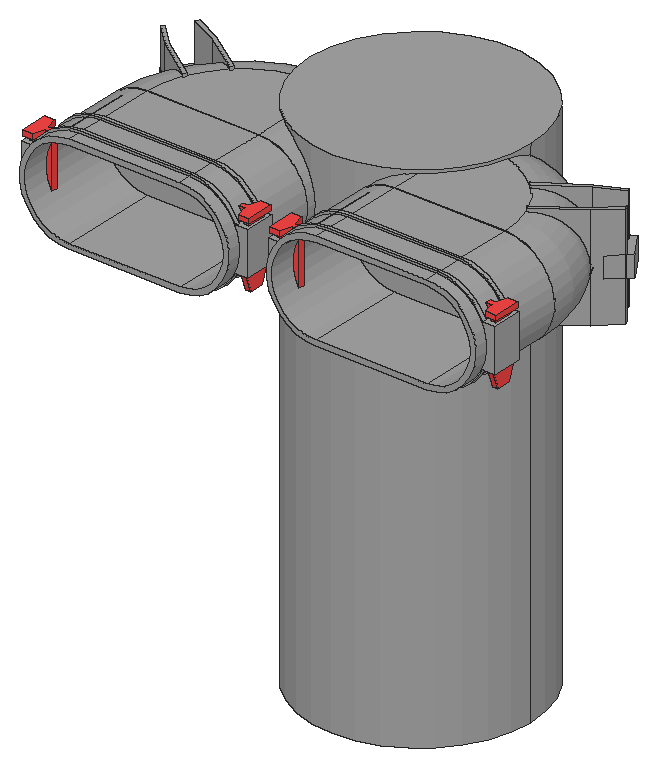
Revit family "CADS_AIRFLOWdev_AirflexPro_Oval_WallPlenum_Supply", category Duct Fittings, Revit 2015
Parameters (values of type "CADS_AIRFLOWdev_AirflexPro_Oval_WallPlenum_Supply")
  f3 [instance] = Flow - f2  # 0.0 L/s
  f2 [instance] = 0.0 L/s
  WorkingPressure = 3000.0 Pa
  WeeklyMaintenance = "N/A"
  WarrantyStartDate [instance] = "1900-12-31T23:59:160"
  WarrantyPeriod = "0"
  WarrantyIdentifier = "N/A"
  WarrantyGuarantorParts = "info@airflow.com"
  WarrantyGuarantorLabor = "info@airflow.com"
  WarrantyGuarantor = "Airflow Developments Ltd"
  WarrantyEndDate [instance] = "1900-12-31T23:59:160"
  WarrantyContent = "N/A"
  Uniclass2015 = "Pr_30_59_96_92:Ventilation ducts"
  TemperatureRange = "up to 40°C"
  TagNumber [instance] = "N/A"
  SustainabilityPerformance = "N/A"
  Status = "New"
  Size = "200 x 280 x 300"
  ShippingWeight = 0.78 kg
  Shape = "Other"
  ServiceLifeType = "EXPECTEDSERVICELIFE"
  ServiceLifeDuration = "10"
  SerialNumber [instance] = "N/A"
  SAPApproval = yes
  RunID = "0"
  ReplacementCost = "34.284"
  Reinforcement = "N/A"
  RedDotDesignAward = no
  QuarterlyMaintenance = "N/A"
  Quantity = 1
  ProductionYear = "2017"
  ProductLiterature = "https://www.airflow.com/pdf/Accessories.pdf#page=3"
  PointOfContact = "Airflow Developments Ltd"
  PassiveHouseApproval = no
  NominalWidth = 280 mm
  NominalLength = 200 mm
  NominalHeight = 300 mm
  NBSCode = "45-80-50/394 Ventilation ducts"
  MonthlyMaintenance = "N/A"
  ModelReference [instance] = "90000249"
  ModelLabel [instance] = "Oval 90° Ceiling/Wall Plenum (incl. 4 clips, 1 sealing cap)"
  Material = "Plastic"
  ManufacturerWebsite = "www.airflow.com"
  ManufacturerTelephone = "01494 525252"
  ManufacturerE-Mail = "info@airflow.com"
  ManufacturerAddress = "Aidelle House\nLancaster Road\nCressex Business Park\nHigh Wycombe\nBucks\nHP123QP"
  Manufacturer = "AirFlow Devopments Ltd"
  MaintenanceRequired8001to12000hrs = "N/A"
  MaintenanceRequired601to1000hrs = "N/A"
  MaintenanceRequired4001to8000hrs = "N/A"
  MaintenanceRequired301to600hrs = "N/A"
  MaintenanceRequired2001to4000hrs = "N/A"
  MaintenanceRequired1001to2000hrs = "N/A"
  MaintenanceRequired0to300hrs = "N/A"
  LongitudinalSeam = "None"
  IsExtendedWarranty = no
  InstallationDate [instance] = "1900-12-31T23:59:160"
  ISO90001 = yes
  ISO140001 = yes
  GrossWeight = 0.65 kg
  Grade = "Virgin"
  GlobalTradeItemNumber [instance] = "5019009312330"
  Flow [instance] = 0.0 L/s
  Fitting Type = "Ignore"
  FireControlPanelLinks = no
  Finish = "Lacquer"
  Features = "Oval 90° Ceiling/Wall Plenum (incl. 4 clips, 1 sealing cap)"
  ExpectedServiceLife = 10
  Exclusions = "N/A"
  DurationUnit = "Year"
  DailyMaintenance = "N/A"
  Constituents = "Oval 90° Ceiling/Wall Plenum (incl. 4 clips, 1 sealing cap)"
  Color = "Grey"
  CodePerformance = "N/A"
  CEApproval = yes
  CADS_Index = 0
  BespokeTimeFrameMaintenance = "N/A"
  AssetType = "FIXED"
  AssetIdentifier [instance] = "N/A"
  AssemblyPlace = "UNKNOWN"
  ArticleNumber [instance] = "N/A"
  AnnualMaintenance = "N/A"
  AirflowRateRange = 18.0 L/s
  AdjustableLengthCheck [instance] = if(AdjustableLength > 240 mm, 240 mm, AdjustableLength)  # 240 mm
  AdjustableLength [instance] = 240 mm
  AccessibilityPerformance = "N/A"
  AF_Body = AF_Grey
  6MonthlyMaintenance = "Visually inspect system, clean the fan and ducting if necessary"
Types (2, lengths in mm): name | RedDotDesignAward | PassiveHouseApproval | NominalWidth | NominalLength | NominalHeight | IsExtendedWarranty | FireControlPanelLinks
  (no name) | yes | yes | 0 | 0 | 0 | yes | yes
  CADS_AIRFLOWdev_AirflexPro_Oval_WallPlenum_Supply | no | no | 280 | 200 | 300 | no | no
Values of the unnamed type that differ from the named types
  WorkingPressure = 0.0 Pa
  WeeklyMaintenance = ""
  WarrantyStartDate = ""
  WarrantyPeriod = ""
  WarrantyIdentifier = ""
  WarrantyGuarantorParts = ""
  WarrantyGuarantorLabor = ""
  WarrantyGuarantor = ""
  WarrantyEndDate = ""
  WarrantyContent = ""
  Uniclass2015 = ""
  TemperatureRange = ""
  TagNumber = ""
  SustainabilityPerformance = ""
  Status = ""
  Size = ""
  ShippingWeight = 0.00 kg
  Shape = ""
  ServiceLifeType = ""
  ServiceLifeDuration = ""
  SerialNumber = ""
  ReplacementCost = ""
  Reinforcement = ""
  QuarterlyMaintenance = ""
  Quantity = 0
  ProductionYear = ""
  ProductLiterature = ""
  PointOfContact = ""
  NBSCode = ""
  MonthlyMaintenance = ""
  ModelReference = ""
  ModelLabel = ""
  Material = ""
  ManufacturerWebsite = ""
  ManufacturerTelephone = ""
  ManufacturerE-Mail = ""
  ManufacturerAddress = ""
  MaintenanceRequired8001to12000hrs = ""
  MaintenanceRequired601to1000hrs = ""
  MaintenanceRequired4001to8000hrs = ""
  MaintenanceRequired301to600hrs = ""
  MaintenanceRequired2001to4000hrs = ""
  MaintenanceRequired1001to2000hrs = ""
  MaintenanceRequired0to300hrs = ""
  LongitudinalSeam = ""
  InstallationDate = ""
  GrossWeight = 0.00 kg
  Grade = ""
  GlobalTradeItemNumber = ""
  Fitting Type = ""
  Finish = ""
  Features = ""
  ExpectedServiceLife = 0
  Exclusions = ""
  DurationUnit = ""
  DailyMaintenance = ""
  Constituents = ""
  Color = ""
  CodePerformance = ""
  BespokeTimeFrameMaintenance = ""
  AssetType = ""
  AssetIdentifier = ""
  AssemblyPlace = ""
  ArticleNumber = ""
  AnnualMaintenance = ""
  AirflowRateRange = 0.0 L/s
  AccessibilityPerformance = ""
  6MonthlyMaintenance = ""
Reference planes
  plane 1 "Center (Front/Back)": y = 0
  plane 2: z = 0
  plane 3 "Center (Left/Right)": x = 0
  plane 4 "CL Ports": z = 270
  plane 5: x = -71.5
  plane 6: x = 71.5
  plane 7: z = 240
  plane 8: y = -125
  plane 9: z = 300
  plane 10: z = 0
Forms (mm)
  Extrusion 1, solid, material "AF_Grey"
    sketch origin (0, 0, 270) x (-1, 0, 0) y (0, -1, 0)
      loop
        circle (0, 0) r 64
    from 30 to -270
  Sweep 2, solid, material "AF_Grey"
    path in 3D
      loop
        arc (132.015, -68, 270) -> (107.705, -9.31, 270) -> (49.015, 15, 270) r 83
        line (49.015, 15, 270) -> (-49.015, 15, 270)
        arc (-49.015, 15, 270) -> (-107.705, -9.31, 270) -> (-132.015, -68, 270) r 83
    profile origin (0, 15, 270) x (0, -1, 0) y (0, 0, 1)
      loop
        arc (28.5, 28.5) -> (0, 0) -> (28.5, -28.5) r 28.5
        line (28.5, -28.5) -> (59, -28.5) -> (59, 28.5) -> (28.5, 28.5)
  Extrusion 3, solid, material "AF_Grey"
    sketch origin (71.5, -68, 270) x (-1, 0, 0) y (0, 0, 1)
      loop
        arc (32.015, -28.5) -> (60.515, 0) -> (32.015, 28.5) r 28.5
        line (32.015, 28.5) -> (-1.515, 28.5) -> (-1.515, -28.5) -> (32.015, -28.5)
      loop
        arc (110.985, 28.5) -> (82.485, 0) -> (110.985, -28.5) r 28.5
        line (110.985, -28.5) -> (144.515, -28.5) -> (144.515, 28.5) -> (110.985, 28.5)
    from 24 to 0
  Extrusion 4, solid, not visible
    sketch origin (71.5, -68, 270) x (-1, 0, 0) y (0, 0, 1)
      loop
        circle (0, 0) r 15
      loop
        circle (143, 0) r 15
    from 0 to 10
  Extrusion 5, solid, material "AF_Grey"
    sketch origin (0, 0, 270) x (-1, 0, 0) y (0, -1, 0)
      loop
        line (-86.283, 28.743) -> (-98.827, 46.816) -> (-127.575, 26.7) -> (-137.64, 16.799) -> (-127.978, 2.879) -> (-114.469, 9.178) -> (-86.283, 28.743)
    from -6 to 6
  Extrusion 6, solid, material "AF_Grey"
    sketch origin (0, 0, 270) x (-1, 0, 0) y (0, -1, 0)
      loop
        line (-109.126, 11.67) -> (-85.713, 27.921) -> (-86.853, 29.564) -> (-110.126, 13.411) -> (-125.457, 6.262) -> (-124.299, 4.595) -> (-109.126, 11.67)
      loop
        line (-123.276, 30.928) -> (-134.746, 19.645) -> (-133.589, 17.978) -> (-121.993, 29.385) -> (-98.257, 45.994) -> (-99.398, 47.637) -> (-123.276, 30.928)
    from -30 to 30
  Extrusion 7, solid, material "AF_Grey"
    sketch origin (0, 0, 270) x (-1, 0, 0) y (0, -1, 0)
      loop
        line (109.126, 11.67) -> (124.299, 4.595) -> (125.457, 6.262) -> (110.126, 13.411) -> (86.853, 29.564) -> (85.713, 27.921) -> (109.126, 11.67)
      loop
        line (123.276, 30.928) -> (99.398, 47.637) -> (98.257, 45.994) -> (121.993, 29.385) -> (133.589, 17.978) -> (134.746, 19.645) -> (123.276, 30.928)
    from -30 to 30
  Extrusion 8, solid, material "AF_Grey"
    sketch origin (0, 0, 270) x (-1, 0, 0) y (0, -1, 0)
      loop
        line (86.283, 28.743) -> (114.469, 9.178) -> (127.978, 2.879) -> (137.64, 16.799) -> (127.575, 26.7) -> (98.827, 46.816) -> (86.283, 28.743)
    from -6 to 6
Cuts and joins
  joined: Sweep 2, Extrusion 3
Lines and regions (mm)
  model lines, style "InvisibleLines"
    curve 1: line (49.015, 15, 270) -> (-49.015, 15, 270)
    curve 2: arc (-132.015, -68, 270) -> (-107.705, -9.31, 270) -> (-49.015, 15, 270) r 83
    curve 3: arc (132.015, -68, 270) -> (107.705, -9.31, 270) -> (49.015, 15, 270) r 83
  sketch lines
    curve 4: line (49.015, 15, 270) -> (-49.015, 15, 270)
    curve 5: arc (-132.015, -68, 270) -> (-107.705, -9.31, 270) -> (-49.015, 15, 270) r 83
    curve 6: arc (132.015, -68, 270) -> (107.705, -9.31, 270) -> (49.015, 15, 270) r 83
Dimensions and locks
  plane 9 to plane 4 "CL Ports" to plane 7 = 30 mm locked, 30 mm locked
  "AdjustableLengthCheck": plane 7 to plane 2
  aligned and locked: level to plane 2
  aligned and locked: nested 1 to plane 8
  aligned and locked: nested 2 to plane 8
  aligned and locked: plane 9 to Extrusion 1
  aligned and locked: Extrusion 3 to Sweep 2
  aligned and locked: Extrusion 1 to plane 10
  aligned and locked: level to plane 10
Automatic sketch dimensions
  plane 1 "Center (Front/Back)" to Extrusion 1 sketch curve = 0 mm
  Extrusion 1 sketch curve to plane 3 "Center (Left/Right)" = 0 mm
  curve 3 to plane 6 = 22.485 mm
  plane 5 to curve 2 = 22.485 mm
  curve 1 to plane 1 "Center (Front/Back)" = 15 mm
  plane 8 to curve 3 = 57 mm
  plane 8 to curve 2 = 57 mm
  Sweep 2 sketch curve to profile plane = 0 mm
  Sweep 2 sketch curve to profile plane = 28.5 mm  (x2)
  Sweep 2 sketch curve to Sweep 2 sketch curve = 30.5 mm
  Extrusion 3 sketch curve to nested 2 = 0 mm  (x2)
  Extrusion 3 sketch curve to Extrusion 3 sketch curve = 33.531 mm  (x2)
  Extrusion 3 sketch curve to Extrusion 3 sketch curve = 78.969 mm
  nested 2 to Extrusion 4 sketch curve = 25.5 mm  (x2)
  Extrusion 4 sketch curve to Extrusion 4 sketch curve = 143 mm
  plane 1 "Center (Front/Back)" to Extrusion 5 sketch curve = 16.799 mm
  plane 6 to Extrusion 5 sketch curve = 66.14 mm
  plane 1 "Center (Front/Back)" to Extrusion 5 sketch curve = 2.879 mm
  Extrusion 5 sketch curve to Extrusion 5 sketch curve = 9.662 mm
  plane 1 "Center (Front/Back)" to Extrusion 5 sketch curve = 26.7 mm
  Extrusion 5 sketch curve to Extrusion 5 sketch curve = 10.065 mm
  plane 1 "Center (Front/Back)" to Extrusion 5 sketch curve = 9.178 mm
  Extrusion 5 sketch curve to Extrusion 5 sketch curve = 13.509 mm
  plane 6 to Extrusion 5 sketch curve = 27.327 mm
  plane 6 to Extrusion 5 sketch curve = 14.783 mm
  plane 1 "Center (Front/Back)" to Extrusion 5 sketch curve = 28.743 mm
  plane 1 "Center (Front/Back)" to Extrusion 6 sketch curve = 19.645 mm
  plane 6 to Extrusion 6 sketch curve = 63.246 mm
  plane 1 "Center (Front/Back)" to Extrusion 6 sketch curve = 17.978 mm
  Extrusion 6 sketch curve to Extrusion 6 sketch curve = 1.157 mm  (x2)
  plane 1 "Center (Front/Back)" to Extrusion 6 sketch curve = 6.262 mm
  Extrusion 6 sketch curve to Extrusion 6 sketch curve = 8.132 mm
  plane 1 "Center (Front/Back)" to Extrusion 6 sketch curve = 4.595 mm
  Extrusion 6 sketch curve to Extrusion 6 sketch curve = 11.47 mm
  Extrusion 6 sketch curve to Extrusion 6 sketch curve = 1.283 mm
  plane 1 "Center (Front/Back)" to Extrusion 6 sketch curve = 13.411 mm
  Extrusion 6 sketch curve to Extrusion 6 sketch curve = 14.174 mm
  plane 1 "Center (Front/Back)" to Extrusion 6 sketch curve = 11.67 mm
  Extrusion 6 sketch curve to Extrusion 6 sketch curve = 1 mm
  plane 6 to Extrusion 6 sketch curve = 27.898 mm
  Extrusion 6 sketch curve to Extrusion 6 sketch curve = 1.14 mm  (x2)
  plane 6 to Extrusion 6 sketch curve = 15.353 mm
  Extrusion 6 sketch curve to Extrusion 6 sketch curve = 9.74 mm
  Extrusion 6 sketch curve to Extrusion 6 sketch curve = 1.543 mm
  Extrusion 6 sketch curve to Extrusion 6 sketch curve = 16.43 mm
  Extrusion 6 sketch curve to Extrusion 6 sketch curve = 1.643 mm
  Extrusion 7 sketch curve to plane 5 = 14.213 mm
  Extrusion 7 sketch curve to Extrusion 7 sketch curve = 1.14 mm  (x2)
  Extrusion 7 sketch curve to Extrusion 7 sketch curve = 11.404 mm
  plane 1 "Center (Front/Back)" to Extrusion 7 sketch curve = 11.67 mm
  Extrusion 7 sketch curve to Extrusion 7 sketch curve = 23.413 mm
  plane 1 "Center (Front/Back)" to Extrusion 7 sketch curve = 13.411 mm
  Extrusion 7 sketch curve to Extrusion 7 sketch curve = 1 mm
  Extrusion 7 sketch curve to Extrusion 7 sketch curve = 11.867 mm
  Extrusion 7 sketch curve to Extrusion 7 sketch curve = 1.283 mm
  plane 1 "Center (Front/Back)" to Extrusion 7 sketch curve = 4.595 mm
  Extrusion 7 sketch curve to Extrusion 7 sketch curve = 14.174 mm
  plane 1 "Center (Front/Back)" to Extrusion 7 sketch curve = 6.262 mm
  Extrusion 7 sketch curve to Extrusion 7 sketch curve = 1.157 mm  (x2)
  plane 1 "Center (Front/Back)" to Extrusion 7 sketch curve = 17.978 mm
  Extrusion 7 sketch curve to Extrusion 7 sketch curve = 8.132 mm
  plane 1 "Center (Front/Back)" to Extrusion 7 sketch curve = 19.645 mm
  Extrusion 7 sketch curve to Extrusion 7 sketch curve = 9.74 mm
  Extrusion 7 sketch curve to Extrusion 7 sketch curve = 1.543 mm
  Extrusion 7 sketch curve to Extrusion 7 sketch curve = 16.43 mm
  Extrusion 7 sketch curve to Extrusion 7 sketch curve = 1.643 mm
  Extrusion 8 sketch curve to plane 5 = 14.783 mm
  Extrusion 8 sketch curve to Extrusion 8 sketch curve = 12.544 mm
  plane 1 "Center (Front/Back)" to Extrusion 8 sketch curve = 9.178 mm
  Extrusion 8 sketch curve to Extrusion 8 sketch curve = 28.187 mm
  plane 1 "Center (Front/Back)" to Extrusion 8 sketch curve = 26.7 mm
  Extrusion 8 sketch curve to Extrusion 8 sketch curve = 13.105 mm
  plane 1 "Center (Front/Back)" to Extrusion 8 sketch curve = 2.879 mm
  Extrusion 8 sketch curve to Extrusion 8 sketch curve = 13.509 mm
  plane 1 "Center (Front/Back)" to Extrusion 8 sketch curve = 16.799 mm
  Extrusion 8 sketch curve to Extrusion 8 sketch curve = 10.065 mm
  plane 1 "Center (Front/Back)" to Extrusion 8 sketch curve = 28.743 mm
  radius of Extrusion 1 sketch curve = 64 mm
  radius of Extrusion 3 sketch curve to nested 2 = 0 mm
  radius of Extrusion 4 sketch curve = 15 mm  (x2)
Nested families
  nested 1: "AF-Oval-Socket" at (-71.5, -68, 270) x (0, 1, 0) z (0, 0, 1), type "AF-Oval-Socket"
  nested 2: "AF-Oval-Socket" at (71.5, -68, 270) x (0, 1, 0) z (0, 0, 1), type "AF-Oval-Socket"
Connectors
  hvac at (-71.5, -68, 270), driven by "f2"
    settings: on Extrusion 4, index 1, duct flow 0.0 L/s, flow factor 0, pres drop 0.0 Pa, loss coef 0, conn angle 0.00°, conn width 115 mm, conn height 51 mm, conn diameter 609.6 mm, duct sys type 1, conn prof type 2, flow config 1, flow direction 1, loss method 0, conn ref index -1, conn util no, is conn primary no, conn desc ""
  hvac at (71.5, -68, 270), driven by "f3"
    settings: on Extrusion 4, index 2, duct flow 0.0 L/s, flow factor 0, pres drop 0.0 Pa, loss coef 0, conn angle 0.00°, conn width 115 mm, conn height 51 mm, conn diameter 609.6 mm, duct sys type 1, conn prof type 2, flow config 1, flow direction 1, loss method 0, conn ref index -1, conn util no, is conn primary no, conn desc ""
  hvac at (0, 0, 0), driven by "Flow"
    settings: on Extrusion 1, index 3, duct flow 0.0 L/s, flow factor 0, pres drop 0.0 Pa, loss coef 0, conn angle 0.00°, conn width 304.8 mm, conn height 304.8 mm, conn diameter 125 mm, duct sys type 1, conn prof type 0, flow config 0, flow direction 2, loss method 0, conn ref index -1, conn util no, is conn primary yes, conn desc ""
Definition of nested family "AF-Oval-Socket"
  Parameters (values of type "AF-Oval-Socket")
    Default Elevation = 1219.2 mm
  Reference planes
    plane 1 "Center (Front/Back)": y = 0
    plane 2: z = 0
    plane 3 "Center (Left/Right)": x = 0
    plane 4: x = -49.5
    plane 5: x = -47.5
    plane 6: x = -32
    plane 7: x = -34
    plane 8: y = 61.515
    plane 9: y = 60.515
    plane 10: y = 65.515
  Forms (mm)
    Sweep 1, solid
      path in 3D
        loop
          line (0, 0, 0) -> (-57, 0, 0)
      profile "AF-Oval Outer Profile : AF-Oval Outer Profile" origin (-28.5, 0, 0) x (0, -1, 0) y (0, 0, 1)
        loop
          arc (-32.015, 28.5) -> (-60.515, 0) -> (-32.015, -28.5) r 28.5
          line (-32.015, -28.5) -> (32.015, -28.5)
          arc (32.015, -28.5) -> (60.515, 0) -> (32.015, 28.5) r 28.5
          line (32.015, 28.5) -> (-32.015, 28.5)
    Sweep 2, void
      path in 3D
        loop
          line (0, 0, 0) -> (-57, 0, 0)
      profile "AF-Oval : AF-Oval" origin (-28.5, 0, 0) x (0, -1, 0) y (0, 0, 1)
        loop
          arc (-32, 25.5) -> (-57.5, 0) -> (-32, -25.5) r 25.5
          line (-32, -25.5) -> (32, -25.5)
          arc (32, -25.5) -> (57.5, 0) -> (32, 25.5) r 25.5
          line (32, 25.5) -> (-32, 25.5)
    Sweep 3, solid
      path in 3D
        loop
          line (-57, 32.015, 28.5) -> (-57, -32.015, 28.5)
          arc (-57, -32.015, 28.5) -> (-57, -60.515, 0) -> (-57, -32.015, -28.5) r 28.5
          line (-57, -32.015, -28.5) -> (-57, 32.015, -28.5)
          arc (-57, 32.015, -28.5) -> (-57, 60.515, 0) -> (-57, 32.015, 28.5) r 28.5
      profile origin (-57, 60.515, 0) x (0, 1, 0) y (-1, 0, 0)
        loop
          line (1, -7.5) -> (0, -7.5) -> (0, -9.5) -> (1, -9.5) -> (1, -7.5)
        loop
          line (1, -25) -> (1, -23) -> (0, -23) -> (0, -25) -> (1, -25)
    Extrusion 4, solid
      sketch origin (0, 0, 0) x (1, 0, 0) y (0, 1, 0)
        loop
          line (-49.5, 65.515) -> (-49.5, 57.825) -> (-32, 57.825) -> (-32, 65.515) -> (-49.5, 65.515)
        loop
          line (-49.5, -65.515) -> (-32, -65.515) -> (-32, -57.844) -> (-49.5, -57.844) -> (-49.5, -65.515)
      from -12.5 to 12.5
  Cuts and joins
    Sweep 2 cuts Sweep 1
    joined: Sweep 1, Sweep 3, Extrusion 4
  Lines and regions (mm)
    model lines
      curve 1: line (0, 0, 0) -> (-57, 0, 0)
    sketch lines
      curve 2: line (0, 0, 0) -> (-57, 0, 0)
      curve 3: line (0, 0, 0) -> (-57, 0, 0)
      curve 4: arc (-57, 32.015, -28.5) -> (-57, 60.515, 0) -> (-57, 32.015, 28.5) r 28.5
      curve 5: line (-57, 32.015, -28.5) -> (-57, -32.015, -28.5)
      curve 6: arc (-57, -32.015, 28.5) -> (-57, -60.515, 0) -> (-57, -32.015, -28.5) r 28.5
      curve 7: line (-57, -32.015, 28.5) -> (-57, 32.015, 28.5)
  Dimensions and locks
    aligned and locked: level to plane 2
  Nested families
    nested 1: "AF-Clip" at (-40.75, -65.515, 0), type "AF-Clip"
    nested 2: "AF-Clip" at (-40.75, 65.515, 0) x (-1, 0, 0) z (0, 0, 1), type "AF-Clip"
  Definition of nested family "AF-Clip"
    Reference planes
      plane 1 "Center (Front/Back)": y = 0
      plane 2: z = 0
      plane 3 "Center (Left/Right)": x = 0
      plane 4 "clip": y = 2.249
    Forms (mm)
      Extrusion 1, solid
        sketch origin (0, 0, 0) x (1, 0, 0) y (0, 1, 0)
          loop
            line (-8, 0) -> (8, 0) -> (8, 6) -> (1.5, 7.742) -> (1.5, 12.043) -> (-1.5, 12.043) -> (-1.5, 7.742) -> (-8, 6) -> (-8, 0)
        from 15 to 18
      Extrusion 2, solid
        sketch origin (0, 2.249, 0) x (-1, 0, 0) y (0, 0, 1)
          loop
            line (5.365, 15) -> (-5.365, 15) -> (-5.365, -12.5) -> (-7.581, -12.5) -> (-3.941, -22.5) -> (3.941, -22.5) -> (7.581, -12.5) -> (5.365, -12.5) -> (5.365, 15)
        from 0 to 3
      Extrusion 3, solid
        sketch origin (0, 0, 0) x (1, 0, 0) y (0, 1, 0)
          loop
            line (-1.5, 12.043) -> (-1.5, 5.249) -> (1.5, 5.249) -> (1.5, 12.043) -> (-1.5, 12.043)
        from -12.5 to 15
    Cuts and joins
      joined: Extrusion 1, Extrusion 2, Extrusion 3
    Dimensions and locks
      aligned and locked: level to plane 2
      aligned and locked: Extrusion 3 sketch curve to cut or joined group of Extrusion 1, Extrusion 2, Extrusion 3  (x3)
      aligned and locked: Extrusion 3 to cut or joined group of Extrusion 1, Extrusion 2, Extrusion 3
